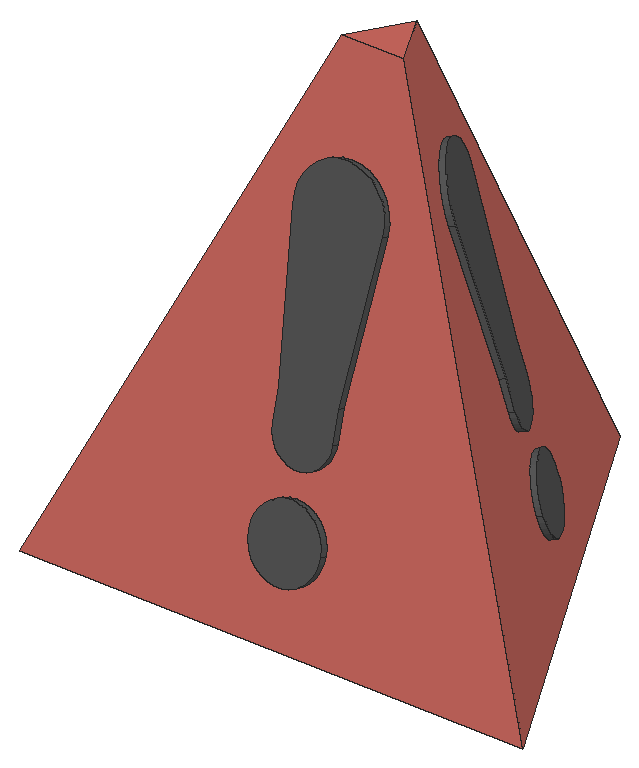
Revit family "Risk-Height", category Generic Models, Revit 2020
Family settings
  Can host rebar = No
  Round Connector Dimension = Use Diameter
  Part Type = Normal
  Work Plane-Based = No
  Always vertical = Yes
  Cut with Voids When Loaded = No
  Shared = No
  Room Calculation Point = Yes
Parameters
  Who is Likely to be Harmed [instance] = ""
  RiskBlock = Laminate, Red, Matte
  Risk Number [instance] = 0
  Risk Management Action Required [instance] = ""
  PD to include in Pre-Construct Info? [instance] = yes
  PD to include in Health and Safety File? [instance] = yes
  List Possible Hazards [instance] = ""
  Is the Risk Acceptable? [instance] = yes
  Exclamation = Laminate, Black
  Element of Design [instance] = ""
  Drawing/Spec. Reference [instance] = ""
  Default Elevation = 0 mm
  Date Risk or Hazard Removed & By Whom [instance] = ""
  Action Required By Who and By When [instance] = ""
Reference planes
  plane 1 "Center (Front/Back)": y = 0
  plane 2: z = 0
  plane 3 "Center (Left/Right)": x = 0
  plane 4 "Top": z = 800
Forms (mm)
  Extrusion 1, solid, material "Laminate, Black" <- "Exclamation"
    sketch origin (212.783, -257.679, -63.357) x (1, 0, 0) y (0, 0.254936, 0.966958)
      loop
        circle (-211.695, 212.66) r 60
      loop
        arc (-262.719, 362.315) -> (-212.378, 312.658) -> (-162.721, 362.999) r 50
        line (-162.721, 362.999) -> (-163.063, 412.997) -> (-140.104, 655.583)
        arc (-140.104, 655.583) -> (-215.283, 737.648) -> (-289.333, 654.563) r 75
        line (-289.333, 654.563) -> (-263.06, 412.314) -> (-262.719, 362.315)
    from 0 to 10
  Extrusion 2, solid, material "Laminate, Black" <- "Exclamation"
    sketch origin (222.945, 127.243, -62.445) x (-0.5, 0.866025, 0) y (-0.220211, -0.127139, 0.967131)
      loop
        circle (1.287, 211.098) r 60
      loop
        line (51.287, 361.098) -> (51.287, 411.098) -> (75.904, 653.521)
        arc (75.904, 653.521) -> (1.287, 736.098) -> (-73.329, 653.521) r 75
        line (-73.329, 653.521) -> (-48.713, 411.098) -> (-48.713, 361.098)
        arc (-48.713, 361.098) -> (1.287, 311.098) -> (51.287, 361.098) r 50
    from 0 to 10
  Extrusion 3, solid, material "Laminate, Black" <- "Exclamation"
    sketch origin (-216.457, 134.846, -61.837) x (-0.5, -0.866025, 0) y (0.218654, -0.12624, 0.967602)
      loop
        line (-75.018, 652.702) -> (-50.401, 410.278) -> (-50.401, 360.278)
        arc (-50.401, 360.278) -> (-0.401, 310.278) -> (49.599, 360.278) r 50
        line (49.599, 360.278) -> (49.599, 410.278) -> (74.215, 652.702)
        arc (74.215, 652.702) -> (-0.401, 735.278) -> (-75.018, 652.702) r 75
      loop
        circle (-0.401, 210.278) r 60
    from 10 to 0
  Blend 4, solid, material "Laminate, Red, Matte" <- "RiskBlock"
    base sketch origin (0, 0, 0) x (1, 0, 0) y (0, 1, 0)
      loop
        line (0.886, 479.025) -> (-414.806, -240.975) -> (416.578, -240.975) -> (0.886, 479.025)
    top sketch origin (0, 0, 0) x (1, 0, 0) y (0, 1, 0)
      loop
        line (-0.032, 59.943) -> (-51.993, -30.057) -> (51.93, -30.057) -> (-0.032, 59.943)
    from 0 to 800
Dimensions and locks
  plane 4 "Top" to plane 2 = 800 mm
  aligned and locked: level to plane 2
  aligned and locked: Extrusion 2 to Blend 4
Nested families
  nested 1: "RiskSymbol-Height" at (-0.962, 0, 0), type "RiskSymbol-Height"
Definition of nested family "RiskSymbol-Height"
  Reference planes
    plane 1: y = 0
    plane 2: x = 0
  Lines and regions (mm)
    Filled region 1, type "Red Fill"
      outline origin (0, 0, 0) x (1, 0, 0) y (0, 1, 0)
        loop
          arc (-6.657, 2.874) -> (-6.657, 2.124) -> (-6.008, 1.749) r 0.75
          line (-6.008, 1.749) -> (-1.455, 1.749)
          arc (-1.455, 1.749) -> (-0.805, 2.124) -> (-0.805, 2.874) r 0.75
          line (-0.805, 2.874) -> (-3.082, 6.817)
          arc (-3.082, 6.817) -> (-3.731, 7.192) -> (-4.381, 6.817) r 0.75
          line (-4.381, 6.817) -> (-6.657, 2.874)
        loop
          line (0, -0.993) -> (-6.768, -0.993) -> (-6.768, -4.929) -> (0, -4.929) -> (0, -0.993)
        loop
          circle (5.998, 4.27) r 0.893
        loop
          line (4.557, 2.69) -> (4.022, 1.235) -> (2.482, 1.802)
          arc (2.482, 1.802) -> (1.826, 1.846) -> (1.249, 1.531) r 1.171
          line (1.249, 1.531) -> (-0.281, 0)
          arc (-0.281, 0) -> (-0.281, -0.623) -> (0.342, -0.623) r 0.441
          line (0.342, -0.623) -> (1.545, 0.579)
          arc (1.545, 0.579) -> (1.983, 0.796) -> (2.463, 0.7) r 0.761
          line (2.463, 0.7) -> (3.394, 0.163) -> (1.993, -0.292) -> (0.871, -2.934)
          arc (0.871, -2.934) -> (1.1, -3.501) -> (1.667, -3.272) r 0.432
          line (1.667, -3.272) -> (2.546, -1.202) -> (4.473, -0.576)
          arc (4.473, -0.576) -> (5.054, -0.237) -> (5.443, 0.313) r 1.586
          line (5.443, 0.313) -> (6.02, 2.151) -> (6.77, 1.875)
          arc (6.77, 1.875) -> (7.245, 1.509) -> (7.425, 0.937) r 1
          line (7.425, 0.937) -> (7.425, -0.063)
          arc (7.425, -0.063) -> (7.814, -0.452) -> (8.203, -0.063) r 0.389
          line (8.203, -0.063) -> (8.203, 0.737)
          arc (8.203, 0.737) -> (7.798, 2.025) -> (6.729, 2.85) r 2.251
          line (6.729, 2.85) -> (4.108, 3.814) -> (3.431, 5.406)
          arc (3.431, 5.406) -> (2.822, 5.652) -> (2.576, 5.043) r 0.464
          line (2.576, 5.043) -> (3.226, 3.515)
          arc (3.226, 3.515) -> (3.457, 3.182) -> (3.801, 2.968) r 1
          line (3.801, 2.968) -> (4.557, 2.69)
        loop
          line (-4.347, 5.669) -> (-4.131, 3.269) -> (-3.331, 3.269) -> (-3.114, 5.669) -> (-4.347, 5.669)
        loop
          line (-3.248, 2.17) -> (-3.248, 3.025) -> (-4.216, 3.025) -> (-4.216, 2.17) -> (-3.248, 2.17)
  Text (mm)
    text "Risk: Working at Height" at (-2.184, -8.506, 0)
